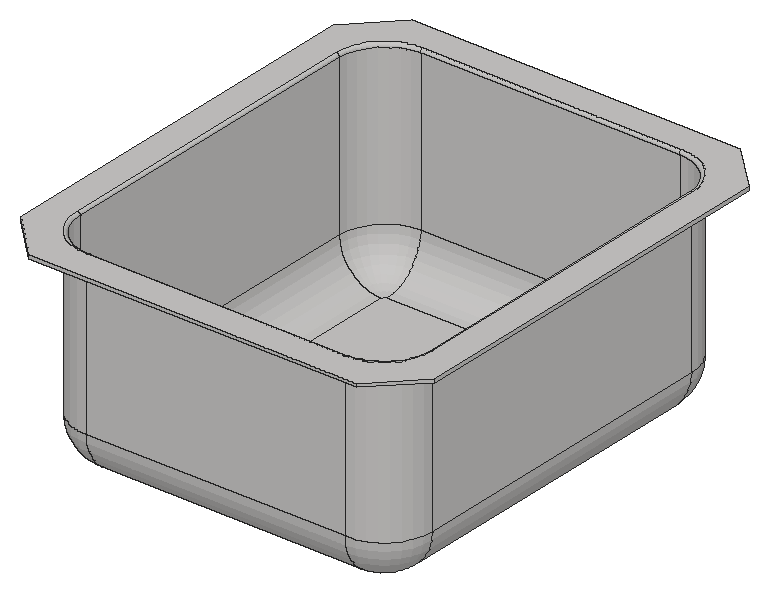
Revit family "Sink-Undermount-Acorn-SU-1416-80", category Plumbing Fixtures, host Face, Revit 2019
Family settings
  Host = Face
  Round Connector Dimension = Use Diameter
  Part Type = Normal
  OmniClass Number = 23.45.05.14.14
  OmniClass Title = Sinks/Lavatories
  Cut with Voids When Loaded = No
  Shared = Yes
  Room Calculation Point = No
Parameters (values of type "SU-1416-80")
  cUPC Compliant = yes
  Width = 16"  # constant formula
  Waste Connection = no
  WFU = 4  # constant formula
  Vent Connection = no
  URL = "https://www.acorneng.com/home"
  Type Comments = ""
  Product Page URL = "https://www.acorneng.com/acorn-sinks-undermount-su-1416"
  Product Documentation Link = "https://www.acorneng.com/uploads/fileLibrary/SU-1416_pkt.pdf"
  Model = "SU-1416-80"
  Manufacturer = "Acorn"
  Length = 18 1/2"  # constant formula
  Countertop Thickness = 1"
  -80 8” Deep Bowl = yes
  Installation Type = "Undermount"  # constant formula
  HWFU = 3  # constant formula
  HW Connection = no
  Finish = Stainless Steel-18 Gauge-Type 304-Acorn-Satin
  Drain Size = 3 1/2"  # constant formula
  Description = "Acorn-Sinks® Stainless Steel Undermount Sink, 14\" x 16\""
  Default Elevation = 34"
  Creation Date = "11/14/2024"
  Compliance Certifications = "ASME A112.19.3/CSA B45.4, IAPMO® Certified for Conformance with Uniform Plumbing Code (UPC ), International Plumbing Code (IPC ), National Plumbing Code of Canada (NPC )"
  CWFU = 3  # constant formula
  CW Connection = no
  Sink Bowl Width = 13 1/2"  # constant formula
  Sink Bowl Length = 16"  # constant formula
  Sink Bowl Depth = 8"  # constant formula
  Assembly Code = "D2010440"
Reference planes (in)
  plane 1 "Center (Front/Back)": y = 0
  plane 2 "Counter": z = 0
  plane 3 "Center (Left/Right)": x = 0
  plane 4: x = -8
  plane 5: x = 8
  plane 6: y = -18.5
  plane 7: y = -1.25
  plane 8: z = -9
  plane 9: y = -17.25
  plane 10: y = -6.25
  plane 11: x = -6.75
  plane 12: x = -6.75
  plane 13: x = 6.75
  plane 14: x = 7.25
  plane 15: y = -17.75
  plane 16: y = -9.25
  plane 17 "Sink": z = -1
Forms (in)
  Sweep 1, solid, material "Stainless Steel-18 Gauge-Type 304-Acorn-Satin" <- "Finish"
    path origin (0, 0, -1) x (-1, 0, 0) y (0, -1, 0)
      loop
        line (5, 17.25) -> (-5, 17.25)
        arc (-5, 17.25) -> (-6.23744, 16.73744) -> (-6.75, 15.5) r 1.75
        line (-6.75, 15.5) -> (-6.75, 3)
        arc (-6.75, 3) -> (-6.23744, 1.76256) -> (-5, 1.25) r 1.75
        line (-5, 1.25) -> (5, 1.25)
        arc (5, 1.25) -> (6.23744, 1.76256) -> (6.75, 3) r 1.75
        line (6.75, 3) -> (6.75, 15.5)
        arc (6.75, 15.5) -> (6.23744, 16.73744) -> (5, 17.25) r 1.75
    profile origin (0, -17.25, -1) x (0, 1, 0) y (0, 0, 1)
      loop
        line (-0.125, 0) -> (-0.25, 0) -> (-0.25, -0.125) -> (-0.125, -0.125) -> (-0.125, -6.25)
        arc (-0.125, -6.25) -> (0.38756, -7.48744) -> (1.625, -8) r 1.75
        line (1.625, -8) -> (1.65625, -8) -> (1.65625, -7.875) -> (1.625, -7.875)
        arc (1.625, -7.875) -> (0.47595, -7.39905) -> (0, -6.25) r 1.625
        line (0, -6.25) -> (0, -0.125)
        arc (0, -0.125) -> (-0.03661, -0.03661) -> (-0.125, 0) r 0.125
  Extrusion 2, solid, material "Stainless Steel-18 Gauge-Type 304-Acorn-Satin" <- "Finish"
    sketch origin (-5, -15.59375, -9) x (0, -1, 0) y (-1, 0, 0)
      loop
        arc (-0.09375, -10.09375) -> (-0.02746, -10.06629) -> (0, -10) r 0.09375
        line (0, -10) -> (0, 0)
        arc (0, 0) -> (-0.02746, 0.06629) -> (-0.09375, 0.09375) r 0.09375
        line (-0.09375, 0.09375) -> (-12.59375, 0.09375)
        arc (-12.59375, 0.09375) -> (-12.66004, 0.06629) -> (-12.6875, 0) r 0.09375
        line (-12.6875, 0) -> (-12.6875, -10)
        arc (-12.6875, -10) -> (-12.66004, -10.06629) -> (-12.59375, -10.09375) r 0.09375
        line (-12.59375, -10.09375) -> (-0.09375, -10.09375)
      loop
        circle (-9.34375, -5) r 1.75
    from -0.125 to 0
  Extrusion 3, solid, material "Stainless Steel-18 Gauge-Type 304-Acorn-Satin" <- "Finish"
    sketch origin (-6.75, -21.11719, -0.125) x (0, -1, 0) y (-1, 0, 0)
      loop
        line (-2.61719, -0.42417) -> (-4.29136, 1.25) -> (-19.44301, 1.25) -> (-21.11719, -0.42417) -> (-21.11719, -13.07583) -> (-19.44301, -14.75) -> (-4.29136, -14.75) -> (-2.61719, -13.07583) -> (-2.61719, -0.42417)
      loop
        arc (-3.74219, -1.75) -> (-4.29136, -0.42417) -> (-5.61719, 0.125) r 1.875
        line (-5.61719, 0.125) -> (-18.11719, 0.125)
        arc (-18.11719, 0.125) -> (-19.44301, -0.42417) -> (-19.99219, -1.75) r 1.875
        line (-19.99219, -1.75) -> (-19.99219, -11.75)
        arc (-19.99219, -11.75) -> (-19.44301, -13.07583) -> (-18.11719, -13.625) r 1.875
        line (-18.11719, -13.625) -> (-5.61719, -13.625)
        arc (-5.61719, -13.625) -> (-4.29136, -13.07583) -> (-3.74219, -11.75) r 1.875
        line (-3.74219, -11.75) -> (-3.74219, -1.75)
    from 1 to 0.875
  Extrusion 4, void
    sketch origin (0, 0, 0) x (1, 0, 0) y (0, 1, 0)
      loop
        line (5, -0.75) -> (-5, -0.75)
        arc (-5, -0.75) -> (-6.59099, -1.40901) -> (-7.25, -3) r 2.25
        line (-7.25, -3) -> (-7.25, -15.5)
        arc (-7.25, -15.5) -> (-6.59099, -17.09099) -> (-5, -17.75) r 2.25
        line (-5, -17.75) -> (5, -17.75)
        arc (5, -17.75) -> (6.59099, -17.09099) -> (7.25, -15.5) r 2.25
        line (7.25, -15.5) -> (7.25, -3)
        arc (7.25, -3) -> (6.59099, -1.40901) -> (5, -0.75) r 2.25
    from 0 to -9
Cuts and joins
  joined: Sweep 1, Extrusion 2, Extrusion 3
Dimensions and locks (in)
  equal spacing: plane 4, plane 3 "Center (Left/Right)", plane 5
  "Width": plane 4 to plane 5
  "Length": plane 6 to plane 1 "Center (Front/Back)"
  "Sink Bowl Width": Sweep 1 sketch curve to Sweep 1 sketch curve
  plane 7 to plane 1 "Center (Front/Back)" = 1 1/4"
  equal spacing: Extrusion 2 sketch curve, Extrusion 2 sketch curve, Extrusion 2 sketch curve
  locked: Sweep 1 sketch curve to Sweep 1 sketch curve at 0.125
  equal spacing: Sweep 1 sketch curve, plane 3 "Center (Left/Right)", Sweep 1 sketch curve
  locked: plane 9 to plane 6 at 1.25
  "Sink Bowl Length": Sweep 1 sketch curve to Sweep 1 sketch curve
  plane 7 to plane 10 = 5"
  plane 4 to plane 11 = 1 1/4"
  equal spacing: plane 12, plane 3 "Center (Left/Right)", plane 13
  "Sink Bowl Width": plane 12 to plane 13
  "Sink Bowl Length": plane 7 to plane 9
  plane 13 to plane 14 = 1/2"
  plane 9 to plane 15 = 1/2"
  equal spacing: Extrusion 4 sketch curve, plane 3 "Center (Left/Right)", Extrusion 4 sketch curve
  equal spacing: Extrusion 4 sketch curve, plane 16, Extrusion 4 sketch curve
  "Sink Bowl Depth": plane 17 "Sink" to plane 8
  "Countertop Thickness": level to plane 17 "Sink"
  locked: cut or joined group of Sweep 1, Extrusion 2, Extrusion 3 to cut or joined group of Sweep 1, Extrusion 2, Extrusion 3 at 0.125
  locked: Extrusion 2 sketch curve to Extrusion 2 sketch curve (diameter 3 1/2")
  aligned and locked: host face to plane 2 "Counter"
  aligned and locked: host face to level
  aligned and locked: Extrusion 2 sketch curve to Sweep 1  (x2)
  aligned and locked: Extrusion 2 to Sweep 1
  aligned and locked: Sweep 1 sketch curve to plane 8
  aligned and locked: plane 6 to Extrusion 3 sketch curve
  aligned and locked: plane 4 to Extrusion 3 sketch curve
  aligned and locked: plane 1 "Center (Front/Back)" to Extrusion 3 sketch curve
  aligned and locked: Extrusion 3 sketch curve to plane 5
  aligned and locked: Sweep 1 sketch curve to plane 7
  aligned and locked: Extrusion 3 sketch curve to cut or joined group of Sweep 1, Extrusion 2, Extrusion 3  (x4)
  aligned and locked: plane 10 to Extrusion 2 sketch curve
  aligned and locked: Extrusion 4 to plane 8
  aligned and locked: plane 17 "Sink" to cut or joined group of Sweep 1, Extrusion 2, Extrusion 3
  aligned and locked: Sweep 1 sketch curve to plane 17 "Sink"
  aligned and locked: plane 2 "Counter" to Extrusion 4
Automatic sketch dimensions
  host sketch curve to host sketch curve = 161.60125"
  host sketch curve to host sketch curve = 96"
  Sweep 1 sketch curve to Sweep 1 sketch curve = 0"  (x3)
  Sweep 1 sketch curve to profile plane = 0"
  profile plane to Sweep 1 sketch curve = 1/8"
  Sweep 1 sketch curve to profile plane = 1 5/8"
  Sweep 1 sketch curve to Sweep 1 sketch curve = 1/32"
  Sweep 1 sketch curve to Sweep 1 sketch curve = 1/8"
  Extrusion 2 sketch curve to plane 3 "Center (Left/Right)" = 0"
  Extrusion 2 sketch curve to Extrusion 2 sketch curve = 3/32"  (x2)
  Extrusion 3 sketch curve to plane 7 = 0.42417"  (x2)
  plane 9 to Extrusion 3 sketch curve = 0.42417"  (x2)
  plane 11 to Extrusion 3 sketch curve = 0.42417"  (x2)
  plane 5 to Extrusion 3 sketch curve = 1.67417"  (x2)
  Extrusion 4 sketch curve to plane 15 = 0"
  Extrusion 4 sketch curve to plane 14 = 0"
  plane 11 to Extrusion 4 sketch curve = 1 3/4"  (x2)
  plane 13 to Extrusion 4 sketch curve = 1 3/4"
  plane 9 to Extrusion 4 sketch curve = 1 3/4"
  plane 13 to Sweep 1 sketch curve = 1 3/4"  (x2)
  Sweep 1 sketch curve to Sweep 1 sketch curve = 1 3/4"
  plane 11 to Sweep 1 sketch curve = 1 3/4"
